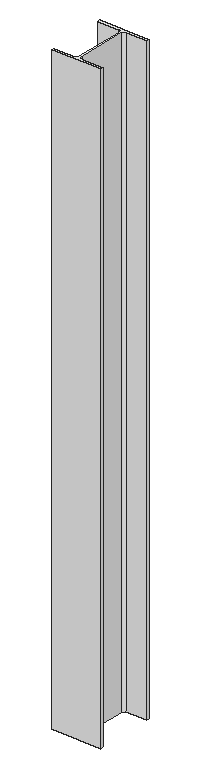
Revit family "Steel Column_W_ASTM A6M", category Structural Columns, Revit 2023 (continued)
Types in the file's own list only (271): name | Width | Web Thickness | Web Fillet | Warping Constant | Torsional Moment of Inertia | Section Name Key | Section Area | Plastic Modulus weak axis | Plastic Modulus strong axis | Perimeter | Nominal Weight | Moment of Inertia weak axis | Moment of Inertia strong axis | Height | Flange Thickness | Elastic Modulus weak axis | Elastic Modulus strong axis | Centroid Vertical | Centroid Horizontal | Bolt Spacing
  W530X74 | 166.00 mm | 9.65 mm | 12.80 mm | 690000000000.0 mm⁶ | 475000.00 mm⁴ | "W21x50" | 9480.0 mm² | 200000.0 mm³ | 1800000.0 mm³ | 1.68 m²/m | 74.00 kgf/m | 10400000.00 mm⁴ | 410000000.00 mm⁴ | 528.00 mm | 13.60 mm | 125000.0 mm³ | 1550000.0 mm³ | 264.00 mm | 83.00 mm | 88.9 mm
  W530X66 | 165.00 mm | 8.89 mm | 12.70 mm | 567000000000.0 mm⁶ | 320000.00 mm⁴ | "W21x44" | 8390.0 mm² | 167000.0 mm³ | 1560000.0 mm³ | 1.67 m²/m | 66.00 kgf/m | 8620000.00 mm⁴ | 351000000.00 mm⁴ | 526.00 mm | 11.40 mm | 104000.0 mm³ | 1340000.0 mm³ | 263.00 mm | 82.50 mm | 88.9 mm
  W460X464 | 305.00 mm | 38.60 mm | 12.70 mm | 20500000000000.0 mm⁶ | 73300000.00 mm⁴ | "W18x311" | 59100.0 mm² | 3390000.0 mm³ | 12400000.0 mm³ | 2.25 m²/m | 464.00 kgf/m | 331000000.00 mm⁴ | 2900000000.00 mm⁴ | 566.00 mm | 69.60 mm | 2160000.0 mm³ | 10200000.0 mm³ | 283.00 mm | 152.50 mm | 139.7 mm
  W460X421 | 302.00 mm | 35.60 mm | 12.70 mm | 17700000000000.0 mm⁶ | 55800000.00 mm⁴ | "W18x283" | 53700.0 mm² | 3030000.0 mm³ | 11100000.0 mm³ | 2.23 m²/m | 421.00 kgf/m | 293000000.00 mm⁴ | 2570000000.00 mm⁴ | 556.00 mm | 63.50 mm | 1930000.0 mm³ | 9260000.0 mm³ | 278.00 mm | 151.00 mm | 139.7 mm
  W460X384 | 300.00 mm | 32.50 mm | 10.20 mm | 15500000000000.0 mm⁶ | 42900000.00 mm⁴ | "W18x258" | 49000.0 mm² | 2720000.0 mm³ | 10000000.0 mm³ | 2.21 m²/m | 384.00 kgf/m | 261000000.00 mm⁴ | 2290000000.00 mm⁴ | 546.00 mm | 58.40 mm | 1750000.0 mm³ | 8420000.0 mm³ | 273.00 mm | 150.00 mm | 139.7 mm
  W460X349 | 297.00 mm | 29.50 mm | 10.20 mm | 13500000000000.0 mm⁶ | 32800000.00 mm⁴ | "W18x234" | 44300.0 mm² | 2440000.0 mm³ | 9000000.0 mm³ | 2.18 m²/m | 349.00 kgf/m | 232000000.00 mm⁴ | 2040000000.00 mm⁴ | 536.00 mm | 53.60 mm | 1570000.0 mm³ | 7640000.0 mm³ | 268.00 mm | 148.50 mm | 139.7 mm
  W460X315 | 295.00 mm | 26.90 mm | 10.20 mm | 11700000000000.0 mm⁶ | 24400000.00 mm⁴ | "W18x211" | 40200.0 mm² | 2160000.0 mm³ | 8030000.0 mm³ | 2.16 m²/m | 315.00 kgf/m | 205000000.00 mm⁴ | 1800000000.00 mm⁴ | 526.00 mm | 48.50 mm | 1400000.0 mm³ | 6870000.0 mm³ | 263.00 mm | 147.50 mm | 139.7 mm
  W460X286 | 292.00 mm | 24.40 mm | 10.10 mm | 10200000000000.0 mm⁶ | 18600000.00 mm⁴ | "W18x192" | 36300.0 mm² | 1950000.0 mm³ | 7240000.0 mm³ | 2.14 m²/m | 286.00 kgf/m | 183000000.00 mm⁴ | 1610000000.00 mm⁴ | 518.00 mm | 44.50 mm | 1260000.0 mm³ | 6230000.0 mm³ | 259.00 mm | 146.00 mm | 139.7 mm
  W460X260 | 290.00 mm | 22.60 mm | 10.10 mm | 8940000000000.0 mm⁶ | 14100000.00 mm⁴ | "W18x175" | 33200.0 mm² | 1740000.0 mm³ | 6520000.0 mm³ | 2.11 m²/m | 260.00 kgf/m | 163000000.00 mm⁴ | 1440000000.00 mm⁴ | 508.00 mm | 40.40 mm | 1130000.0 mm³ | 5640000.0 mm³ | 254.00 mm | 145.00 mm | 139.7 mm
  W460X235 | 287.00 mm | 20.60 mm | 10.10 mm | 7790000000000.0 mm⁶ | 10500000.00 mm⁴ | "W18x158" | 29900.0 mm² | 1550000.0 mm³ | 5830000.0 mm³ | 2.09 m²/m | 235.00 kgf/m | 144000000.00 mm⁴ | 1270000000.00 mm⁴ | 500.00 mm | 36.60 mm | 1010000.0 mm³ | 5080000.0 mm³ | 250.00 mm | 143.50 mm | 139.7 mm
  W460X213 | 284.00 mm | 18.50 mm | 10.20 mm | 6900000000000.0 mm⁶ | 7990000.00 mm⁴ | "W18x143" | 27100.0 mm² | 1400000.0 mm³ | 5280000.0 mm³ | 2.07 m²/m | 213.00 kgf/m | 129000000.00 mm⁴ | 1140000000.00 mm⁴ | 495.00 mm | 33.50 mm | 909000.0 mm³ | 4620000.0 mm³ | 247.50 mm | 142.00 mm | 139.7 mm
  W460X193 | 284.00 mm | 17.00 mm | 10.10 mm | 6100000000000.0 mm⁶ | 6040000.00 mm⁴ | "W18x130" | 24700.0 mm² | 1260000.0 mm³ | 4750000.0 mm³ | 2.07 m²/m | 193.00 kgf/m | 116000000.00 mm⁴ | 1020000000.00 mm⁴ | 490.00 mm | 30.50 mm | 818000.0 mm³ | 4200000.0 mm³ | 245.00 mm | 142.00 mm | 139.7 mm
  W460X177 | 287.00 mm | 16.60 mm | 10.20 mm | 5450000000000.0 mm⁶ | 4410000.00 mm⁴ | "W18x119" | 22600.0 mm² | 1130000.0 mm³ | 4290000.0 mm³ | 2.06 m²/m | 177.00 kgf/m | 105000000.00 mm⁴ | 912000000.00 mm⁴ | 483.00 mm | 26.90 mm | 736000.0 mm³ | 3790000.0 mm³ | 241.50 mm | 143.50 mm | 139.7 mm
  W460X158 | 284.00 mm | 15.00 mm | 10.10 mm | 4670000000000.0 mm⁶ | 3110000.00 mm⁴ | "W18x106" | 20100.0 mm² | 991000.0 mm³ | 3770000.0 mm³ | 2.04 m²/m | 158.00 kgf/m | 91600000.00 mm⁴ | 795000000.00 mm⁴ | 475.00 mm | 23.90 mm | 646000.0 mm³ | 3340000.0 mm³ | 237.50 mm | 142.00 mm | 139.7 mm
  W460X144 | 282.00 mm | 13.60 mm | 10.20 mm | 4240000000000.0 mm⁶ | 2440000.00 mm⁴ | "W18x97" | 18400.0 mm² | 906000.0 mm³ | 3460000.0 mm³ | 2.03 m²/m | 144.00 kgf/m | 83700000.00 mm⁴ | 728000000.00 mm⁴ | 472.00 mm | 22.10 mm | 592000.0 mm³ | 3080000.0 mm³ | 236.00 mm | 141.00 mm | 139.7 mm
  W460X128 | 282.00 mm | 12.20 mm | 10.10 mm | 3650000000000.0 mm⁶ | 1710000.00 mm⁴ | "W18x86" | 16300.0 mm² | 793000.0 mm³ | 3050000.0 mm³ | 2.02 m²/m | 128.00 kgf/m | 72800000.00 mm⁴ | 637000000.00 mm⁴ | 467.00 mm | 19.60 mm | 518000.0 mm³ | 2720000.0 mm³ | 233.50 mm | 141.00 mm | 139.7 mm
  W460X113 | 279.00 mm | 10.80 mm | 10.10 mm | 3140000000000.0 mm⁶ | 1180000.00 mm⁴ | "W18x76" | 14400.0 mm² | 692000.0 mm³ | 2670000.0 mm³ | 2.00 m²/m | 113.00 kgf/m | 63300000.00 mm⁴ | 554000000.00 mm⁴ | 462.00 mm | 17.30 mm | 452000.0 mm³ | 2390000.0 mm³ | 231.00 mm | 139.50 mm | 139.7 mm
  W460X106 | 194.00 mm | 12.60 mm | 10.10 mm | 1260000000000.0 mm⁶ | 1450000.00 mm⁴ | "W18x71" | 13500.0 mm² | 405000.0 mm³ | 2390000.0 mm³ | 1.67 m²/m | 106.00 kgf/m | 25100000.00 mm⁴ | 487000000.00 mm⁴ | 470.00 mm | 20.60 mm | 259000.0 mm³ | 2080000.0 mm³ | 235.00 mm | 97.00 mm | 88.9 mm
  W460X97 | 193.00 mm | 11.40 mm | 10.10 mm | 1140000000000.0 mm⁶ | 1140000.00 mm⁴ | "W18x65" | 12300.0 mm² | 369000.0 mm³ | 2180000.0 mm³ | 1.67 m²/m | 97.00 kgf/m | 22800000.00 mm⁴ | 445000000.00 mm⁴ | 467.00 mm | 19.10 mm | 236000.0 mm³ | 1920000.0 mm³ | 233.50 mm | 96.50 mm | 88.9 mm
  W460X89 | 192.00 mm | 10.50 mm | 10.20 mm | 1030000000000.0 mm⁶ | 903000.00 mm⁴ | "W18x60" | 11400.0 mm² | 338000.0 mm³ | 2020000.0 mm³ | 1.65 m²/m | 89.00 kgf/m | 20900000.00 mm⁴ | 410000000.00 mm⁴ | 462.00 mm | 17.70 mm | 218000.0 mm³ | 1770000.0 mm³ | 231.00 mm | 96.00 mm | 88.9 mm
  W460X82 | 191.00 mm | 9.91 mm | 10.20 mm | 921000000000.0 mm⁶ | 691000.00 mm⁴ | "W18x55" | 10500.0 mm² | 303000.0 mm³ | 1840000.0 mm³ | 1.65 m²/m | 82.00 kgf/m | 18700000.00 mm⁴ | 370000000.00 mm⁴ | 460.00 mm | 16.00 mm | 195000.0 mm³ | 1610000.0 mm³ | 230.00 mm | 95.50 mm | 88.9 mm
  W460X74 | 191.00 mm | 9.02 mm | 10.20 mm | 816000000000.0 mm⁶ | 516000.00 mm⁴ | "W18x50" | 9480.0 mm² | 272000.0 mm³ | 1660000.0 mm³ | 1.64 m²/m | 74.00 kgf/m | 16700000.00 mm⁴ | 333000000.00 mm⁴ | 457.00 mm | 14.50 mm | 175000.0 mm³ | 1460000.0 mm³ | 228.50 mm | 95.50 mm | 88.9 mm
  W460X68 | 154.00 mm | 9.14 mm | 10.30 mm | 462000000000.0 mm⁶ | 508000.00 mm⁴ | "W18x46" | 8710.0 mm² | 192000.0 mm³ | 1490000.0 mm³ | 1.50 m²/m | 68.00 kgf/m | 9370000.00 mm⁴ | 296000000.00 mm⁴ | 460.00 mm | 15.40 mm | 122000.0 mm³ | 1290000.0 mm³ | 230.00 mm | 77.00 mm | 88.9 mm
  W460X60 | 153.00 mm | 8.00 mm | 10.20 mm | 387000000000.0 mm⁶ | 337000.00 mm⁴ | "W18x40" | 7610.0 mm² | 164000.0 mm³ | 1280000.0 mm³ | 1.49 m²/m | 60.00 kgf/m | 7950000.00 mm⁴ | 255000000.00 mm⁴ | 455.00 mm | 13.30 mm | 104000.0 mm³ | 1120000.0 mm³ | 227.50 mm | 76.50 mm | 88.9 mm
  W460X52 | 152.00 mm | 7.62 mm | 10.20 mm | 306000000000.0 mm⁶ | 211000.00 mm⁴ | "W18x35" | 6650.0 mm² | 132000.0 mm³ | 1090000.0 mm³ | 1.48 m²/m | 52.00 kgf/m | 6370000.00 mm⁴ | 212000000.00 mm⁴ | 450.00 mm | 10.80 mm | 83900.0 mm³ | 944000.0 mm³ | 225.00 mm | 76.00 mm | 88.9 mm
  W410X149 | 264.00 mm | 14.90 mm | 10.30 mm | 3200000000000.0 mm⁶ | 3220000.00 mm⁴ | "W16x100" | 19000.0 mm² | 900000.0 mm³ | 3240000.0 mm³ | 1.87 m²/m | 149.00 kgf/m | 77400000.00 mm⁴ | 620000000.00 mm⁴ | 432.00 mm | 25.00 mm | 585000.0 mm³ | 2870000.0 mm³ | 216.00 mm | 132.00 mm | 139.7 mm
  W410X132 | 264.00 mm | 13.30 mm | 10.30 mm | 2740000000000.0 mm⁶ | 2270000.00 mm⁴ | "W16x89" | 16900.0 mm² | 788000.0 mm³ | 2870000.0 mm³ | 1.87 m²/m | 132.00 kgf/m | 67800000.00 mm⁴ | 541000000.00 mm⁴ | 427.00 mm | 22.20 mm | 515000.0 mm³ | 2540000.0 mm³ | 213.50 mm | 132.00 mm | 139.7 mm
  W410X114 | 262.00 mm | 11.60 mm | 10.20 mm | 2310000000000.0 mm⁶ | 1490000.00 mm⁴ | "W16x77" | 14600.0 mm² | 674000.0 mm³ | 2460000.0 mm³ | 1.84 m²/m | 114.00 kgf/m | 57400000.00 mm⁴ | 462000000.00 mm⁴ | 419.00 mm | 19.30 mm | 441000.0 mm³ | 2200000.0 mm³ | 209.50 mm | 131.00 mm | 139.7 mm
  W410X100 | 259.00 mm | 10.00 mm | 10.30 mm | 1960000000000.0 mm⁶ | 995000.00 mm⁴ | "W16x67" | 12600.0 mm² | 582000.0 mm³ | 2130000.0 mm³ | 1.83 m²/m | 100.00 kgf/m | 49500000.00 mm⁴ | 397000000.00 mm⁴ | 414.00 mm | 16.90 mm | 380000.0 mm³ | 1920000.0 mm³ | 207.00 mm | 129.50 mm | 139.7 mm
  W410X85 | 181.00 mm | 10.90 mm | 10.20 mm | 714000000000.0 mm⁶ | 924000.00 mm⁴ | "W16x57" | 10800.0 mm² | 310000.0 mm³ | 1720000.0 mm³ | 1.52 m²/m | 85.00 kgf/m | 17900000.00 mm⁴ | 316000000.00 mm⁴ | 417.00 mm | 18.20 mm | 198000.0 mm³ | 1510000.0 mm³ | 208.50 mm | 90.50 mm | 88.9 mm
  W410X75 | 180.00 mm | 9.65 mm | 10.20 mm | 610000000000.0 mm⁶ | 633000.00 mm⁴ | "W16x50" | 9480.0 mm² | 267000.0 mm³ | 1510000.0 mm³ | 1.51 m²/m | 75.00 kgf/m | 15500000.00 mm⁴ | 274000000.00 mm⁴ | 414.00 mm | 16.00 mm | 172000.0 mm³ | 1330000.0 mm³ | 207.00 mm | 90.00 mm | 88.9 mm
  W410X67 | 179.00 mm | 8.76 mm | 10.20 mm | 534000000000.0 mm⁶ | 462000.00 mm⁴ | "W16x45" | 8580.0 mm² | 238000.0 mm³ | 1350000.0 mm³ | 1.50 m²/m | 67.00 kgf/m | 13700000.00 mm⁴ | 244000000.00 mm⁴ | 409.00 mm | 14.40 mm | 153000.0 mm³ | 1190000.0 mm³ | 204.50 mm | 89.50 mm | 88.9 mm
  W410X60 | 178.00 mm | 7.75 mm | 10.20 mm | 465000000000.0 mm⁶ | 330000.00 mm⁴ | "W16x40" | 7610.0 mm² | 208000.0 mm³ | 1200000.0 mm³ | 1.49 m²/m | 60.00 kgf/m | 12000000.00 mm⁴ | 216000000.00 mm⁴ | 406.00 mm | 12.80 mm | 135000.0 mm³ | 1060000.0 mm³ | 203.00 mm | 89.00 mm | 88.9 mm
  W410X53 | 178.00 mm | 7.49 mm | 10.20 mm | 392000000000.0 mm⁶ | 227000.00 mm⁴ | "W16x36" | 6840.0 mm² | 177000.0 mm³ | 1050000.0 mm³ | 1.49 m²/m | 53.00 kgf/m | 10200000.00 mm⁴ | 186000000.00 mm⁴ | 404.00 mm | 10.90 mm | 115000.0 mm³ | 926000.0 mm³ | 202.00 mm | 89.00 mm | 88.9 mm
  W410X46.1 | 140.00 mm | 6.99 mm | 10.20 mm | 198000000000.0 mm⁶ | 192000.00 mm⁴ | "W16x31" | 5890.0 mm² | 115000.0 mm³ | 885000.0 mm³ | 1.34 m²/m | 46.10 kgf/m | 5160000.00 mm⁴ | 156000000.00 mm⁴ | 404.00 mm | 11.20 mm | 73600.0 mm³ | 773000.0 mm³ | 202.00 mm | 70.00 mm | 88.9 mm
  W410X38.8 | 140.00 mm | 6.35 mm | 10.24 mm | 152000000000.0 mm⁶ | 109000.00 mm⁴ | "W16x26" | 4950.0 mm² | 89800.0 mm³ | 724000.0 mm³ | 1.33 m²/m | 38.80 kgf/m | 3990000.00 mm⁴ | 125000000.00 mm⁴ | 399.00 mm | 8.76 mm | 57200.0 mm³ | 629000.0 mm³ | 199.50 mm | 70.00 mm | 88.9 mm
  W360X1086 | 455.00 mm | 78.00 mm | 15.00 mm | 97200000000000.0 mm⁶ | 604000000.00 mm⁴ | "W14x730" | 139000.0 mm² | 13400000.0 mm³ | 27200000.0 mm³ | 2.77 m²/m | 1090.00 kgf/m | 1960000000.00 mm⁴ | 5950000000.00 mm⁴ | 569.00 mm | 125.00 mm | 8640000.0 mm³ | 21000000.0 mm³ | 284.50 mm | 227.50 mm | 190.5 mm
  W360X990 | 450.00 mm | 71.90 mm | 15.00 mm | 81900000000000.0 mm⁶ | 466000000.00 mm⁴ | "W14x665" | 126000.0 mm² | 12000000.0 mm³ | 24300000.0 mm³ | 2.72 m²/m | 990.00 kgf/m | 1740000000.00 mm⁴ | 5160000000.00 mm⁴ | 549.00 mm | 115.00 mm | 7730000.0 mm³ | 18800000.0 mm³ | 274.50 mm | 225.00 mm | 190.5 mm
  W360X900 | 442.00 mm | 66.00 mm | 15.00 mm | 69300000000000.0 mm⁶ | 362000000.00 mm⁴ | "W14x605" | 115000.0 mm² | 10700000.0 mm³ | 21600000.0 mm³ | 2.67 m²/m | 900.00 kgf/m | 1530000000.00 mm⁴ | 4500000000.00 mm⁴ | 531.00 mm | 106.00 mm | 6930000.0 mm³ | 17000000.0 mm³ | 265.50 mm | 221.00 mm | 190.5 mm
  W360X818 | 437.00 mm | 60.50 mm | 15.00 mm | 58800000000000.0 mm⁶ | 278000000.00 mm⁴ | "W14x550" | 105000.0 mm² | 9550000.0 mm³ | 19300000.0 mm³ | 2.62 m²/m | 818.00 kgf/m | 1350000000.00 mm⁴ | 3930000000.00 mm⁴ | 513.00 mm | 97.00 mm | 6190000.0 mm³ | 15300000.0 mm³ | 256.50 mm | 218.50 mm | 190.5 mm
  W360X744 | 432.00 mm | 55.60 mm | 15.10 mm | 50200000000000.0 mm⁶ | 214000000.00 mm⁴ | "W14x500" | 94800.0 mm² | 8550000.0 mm³ | 17200000.0 mm³ | 2.59 m²/m | 744.00 kgf/m | 1200000000.00 mm⁴ | 3420000000.00 mm⁴ | 498.00 mm | 88.90 mm | 5560000.0 mm³ | 13700000.0 mm³ | 249.00 mm | 216.00 mm | 190.5 mm
  W360X677 | 427.00 mm | 51.30 mm | 15.30 mm | 43000000000000.0 mm⁶ | 164000000.00 mm⁴ | "W14x455" | 86500.0 mm² | 7670000.0 mm³ | 15300000.0 mm³ | 2.54 m²/m | 677.00 kgf/m | 1070000000.00 mm⁴ | 2990000000.00 mm⁴ | 483.00 mm | 81.50 mm | 4980000.0 mm³ | 12400000.0 mm³ | 241.50 mm | 213.50 mm | 190.5 mm
  W360X634 | 424.00 mm | 47.80 mm | 15.00 mm | 38700000000000.0 mm⁶ | 138000000.00 mm⁴ | "W14x426" | 80600.0 mm² | 7110000.0 mm³ | 14200000.0 mm³ | 2.52 m²/m | 634.00 kgf/m | 982000000.00 mm⁴ | 2750000000.00 mm⁴ | 475.00 mm | 77.20 mm | 4640000.0 mm³ | 11600000.0 mm³ | 237.50 mm | 212.00 mm | 190.5 mm
  W360X592 | 422.00 mm | 45.00 mm | 15.00 mm | 34600000000000.0 mm⁶ | 114000000.00 mm⁴ | "W14x398" | 75500.0 mm² | 6590000.0 mm³ | 13100000.0 mm³ | 2.50 m²/m | 592.00 kgf/m | 903000000.00 mm⁴ | 2500000000.00 mm⁴ | 465.00 mm | 72.40 mm | 4290000.0 mm³ | 10700000.0 mm³ | 232.50 mm | 211.00 mm | 190.5 mm
  W360X551 | 419.00 mm | 42.20 mm | 15.20 mm | 31200000000000.0 mm⁶ | 92400000.00 mm⁴ | "W14x370" | 70300.0 mm² | 6060000.0 mm³ | 12100000.0 mm³ | 2.48 m²/m | 551.00 kgf/m | 828000000.00 mm⁴ | 2260000000.00 mm⁴ | 455.00 mm | 67.60 mm | 3950000.0 mm³ | 9950000.0 mm³ | 227.50 mm | 209.50 mm | 190.5 mm
  W360X509 | 417.00 mm | 39.10 mm | 15.30 mm | 27700000000000.0 mm⁶ | 74100000.00 mm⁴ | "W14x342" | 65200.0 mm² | 5540000.0 mm³ | 11000000.0 mm³ | 2.45 m²/m | 509.00 kgf/m | 753000000.00 mm⁴ | 2040000000.00 mm⁴ | 445.00 mm | 62.70 mm | 3620000.0 mm³ | 9140000.0 mm³ | 222.50 mm | 208.50 mm | 190.5 mm
  W360X463 | 411.00 mm | 35.80 mm | 15.20 mm | 23900000000000.0 mm⁶ | 56600000.00 mm⁴ | "W14x311" | 59000.0 mm² | 4980000.0 mm³ | 9880000.0 mm³ | 2.42 m²/m | 463.00 kgf/m | 670000000.00 mm⁴ | 1800000000.00 mm⁴ | 434.00 mm | 57.40 mm | 3260000.0 mm³ | 8290000.0 mm³ | 217.00 mm | 205.50 mm | 190.5 mm
  W360X421 | 409.00 mm | 32.80 mm | 15.20 mm | 20900000000000.0 mm⁶ | 43300000.00 mm⁴ | "W14x283" | 53700.0 mm² | 4490000.0 mm³ | 8880000.0 mm³ | 2.39 m²/m | 421.00 kgf/m | 599000000.00 mm⁴ | 1600000000.00 mm⁴ | 424.00 mm | 52.60 mm | 2930000.0 mm³ | 7520000.0 mm³ | 212.00 mm | 204.50 mm | 190.5 mm
  W360X382 | 406.00 mm | 30.00 mm | 15.20 mm | 18200000000000.0 mm⁶ | 32900000.00 mm⁴ | "W14x257" | 48800.0 mm² | 4030000.0 mm³ | 7980000.0 mm³ | 2.37 m²/m | 382.00 kgf/m | 537000000.00 mm⁴ | 1420000000.00 mm⁴ | 417.00 mm | 48.00 mm | 2640000.0 mm³ | 6800000.0 mm³ | 208.50 mm | 203.00 mm | 190.5 mm
  W360X347 | 404.00 mm | 27.20 mm | 15.20 mm | 15800000000000.0 mm⁶ | 24800000.00 mm⁴ | "W14x233" | 44200.0 mm² | 3620000.0 mm³ | 7140000.0 mm³ | 2.35 m²/m | 347.00 kgf/m | 479000000.00 mm⁴ | 1250000000.00 mm⁴ | 406.00 mm | 43.70 mm | 2380000.0 mm³ | 6150000.0 mm³ | 203.00 mm | 202.00 mm | 190.5 mm
  W360X314 | 401.00 mm | 24.90 mm | 15.30 mm | 13800000000000.0 mm⁶ | 18600000.00 mm⁴ | "W14x211" | 40000.0 mm² | 3240000.0 mm³ | 6390000.0 mm³ | 2.33 m²/m | 314.00 kgf/m | 429000000.00 mm⁴ | 1110000000.00 mm⁴ | 399.00 mm | 39.60 mm | 2130000.0 mm³ | 5540000.0 mm³ | 199.50 mm | 200.50 mm | 190.5 mm
  W360X287 | 399.00 mm | 22.60 mm | 15.20 mm | 12300000000000.0 mm⁶ | 14500000.00 mm⁴ | "W14x193" | 36600.0 mm² | 2950000.0 mm³ | 5820000.0 mm³ | 2.31 m²/m | 287.00 kgf/m | 388000000.00 mm⁴ | 999000000.00 mm⁴ | 394.00 mm | 36.60 mm | 1950000.0 mm³ | 5080000.0 mm³ | 197.00 mm | 199.50 mm | 190.5 mm
  W360X262 | 399.00 mm | 21.10 mm | 15.20 mm | 10900000000000.0 mm⁶ | 11000000.00 mm⁴ | "W14x176" | 33400.0 mm² | 2670000.0 mm³ | 5240000.0 mm³ | 2.30 m²/m | 262.00 kgf/m | 349000000.00 mm⁴ | 891000000.00 mm⁴ | 386.00 mm | 33.30 mm | 1750000.0 mm³ | 4600000.0 mm³ | 193.00 mm | 199.50 mm | 190.5 mm
  W360X237 | 396.00 mm | 18.90 mm | 15.30 mm | 9560000000000.0 mm⁶ | 8200000.00 mm⁴ | "W14x159" | 30100.0 mm² | 2390000.0 mm³ | 4700000.0 mm³ | 2.28 m²/m | 237.00 kgf/m | 311000000.00 mm⁴ | 791000000.00 mm⁴ | 381.00 mm | 30.20 mm | 1580000.0 mm³ | 4160000.0 mm³ | 190.50 mm | 198.00 mm | 190.5 mm
  W360X216 | 394.00 mm | 17.30 mm | 15.20 mm | 8510000000000.0 mm⁶ | 6330000.00 mm⁴ | "W14x145" | 27500.0 mm² | 2180000.0 mm³ | 4260000.0 mm³ | 2.27 m²/m | 216.00 kgf/m | 282000000.00 mm⁴ | 712000000.00 mm⁴ | 376.00 mm | 27.70 mm | 1430000.0 mm³ | 3800000.0 mm³ | 188.00 mm | 197.00 mm | 190.5 mm
  W360X196 | 373.00 mm | 16.40 mm | 15.20 mm | 6850000000000.0 mm⁶ | 5120000.00 mm⁴ | "W14x132" | 25000.0 mm² | 1850000.0 mm³ | 3830000.0 mm³ | 2.18 m²/m | 196.00 kgf/m | 228000000.00 mm⁴ | 637000000.00 mm⁴ | 373.00 mm | 26.20 mm | 1220000.0 mm³ | 3420000.0 mm³ | 186.50 mm | 186.50 mm | 139.7 mm
  W360X179 | 373.00 mm | 15.00 mm | 15.20 mm | 6100000000000.0 mm⁶ | 3900000.00 mm⁴ | "W14x120" | 22800.0 mm² | 1670000.0 mm³ | 3470000.0 mm³ | 2.17 m²/m | 179.00 kgf/m | 206000000.00 mm⁴ | 574000000.00 mm⁴ | 368.00 mm | 23.90 mm | 1110000.0 mm³ | 3110000.0 mm³ | 184.00 mm | 186.50 mm | 139.7 mm
  W360X162 | 371.00 mm | 13.30 mm | 15.30 mm | 5420000000000.0 mm⁶ | 2960000.00 mm⁴ | "W14x109" | 20600.0 mm² | 1520000.0 mm³ | 3150000.0 mm³ | 2.16 m²/m | 162.00 kgf/m | 186000000.00 mm⁴ | 516000000.00 mm⁴ | 363.00 mm | 21.80 mm | 1000000.0 mm³ | 2830000.0 mm³ | 181.50 mm | 185.50 mm | 139.7 mm
  W360X147 | 371.00 mm | 12.30 mm | 15.30 mm | 4830000000000.0 mm⁶ | 2240000.00 mm⁴ | "W14x99" | 18800.0 mm² | 1370000.0 mm³ | 2830000.0 mm³ | 2.15 m²/m | 147.00 kgf/m | 167000000.00 mm⁴ | 462000000.00 mm⁴ | 361.00 mm | 19.80 mm | 905000.0 mm³ | 2570000.0 mm³ | 180.50 mm | 185.50 mm | 139.7 mm
  W360X134 | 368.00 mm | 11.20 mm | 15.30 mm | 4300000000000.0 mm⁶ | 1690000.00 mm⁴ | "W14x90" | 17100.0 mm² | 1240000.0 mm³ | 2570000.0 mm³ | 2.14 m²/m | 134.00 kgf/m | 151000000.00 mm⁴ | 416000000.00 mm⁴ | 356.00 mm | 18.00 mm | 818000.0 mm³ | 2340000.0 mm³ | 178.00 mm | 184.00 mm | 139.7 mm
  W360X122 | 257.00 mm | 13.00 mm | 15.10 mm | 1800000000000.0 mm⁶ | 2110000.00 mm⁴ | "W14x82" | 15500.0 mm² | 734000.0 mm³ | 2280000.0 mm³ | 1.70 m²/m | 122.00 kgf/m | 61600000.00 mm⁴ | 367000000.00 mm⁴ | 363.00 mm | 21.70 mm | 480000.0 mm³ | 2020000.0 mm³ | 181.50 mm | 128.50 mm | 139.7 mm
  W360X110 | 257.00 mm | 11.40 mm | 15.20 mm | 1610000000000.0 mm⁶ | 1610000.00 mm⁴ | "W14x74" | 14100.0 mm² | 664000.0 mm³ | 2060000.0 mm³ | 1.70 m²/m | 110.00 kgf/m | 55800000.00 mm⁴ | 331000000.00 mm⁴ | 361.00 mm | 19.90 mm | 436000.0 mm³ | 1840000.0 mm³ | 180.50 mm | 128.50 mm | 139.7 mm
  W360X101 | 254.00 mm | 10.50 mm | 15.00 mm | 1440000000000.0 mm⁶ | 1250000.00 mm⁴ | "W14x68" | 12900.0 mm² | 605000.0 mm³ | 1880000.0 mm³ | 1.68 m²/m | 101.00 kgf/m | 50400000.00 mm⁴ | 301000000.00 mm⁴ | 356.00 mm | 18.30 mm | 397000.0 mm³ | 1690000.0 mm³ | 178.00 mm | 127.00 mm | 139.7 mm
  W360X91 | 254.00 mm | 9.53 mm | 15.10 mm | 1260000000000.0 mm⁶ | 912000.00 mm⁴ | "W14x61" | 11500.0 mm² | 537000.0 mm³ | 1670000.0 mm³ | 1.68 m²/m | 91.00 kgf/m | 44500000.00 mm⁴ | 266000000.00 mm⁴ | 353.00 mm | 16.40 mm | 352000.0 mm³ | 1510000.0 mm³ | 176.50 mm | 127.00 mm | 139.7 mm
  W360X79 | 205.00 mm | 9.40 mm | 15.00 mm | 682000000000.0 mm⁶ | 807000.00 mm⁴ | "W14x53" | 10100.0 mm² | 361000.0 mm³ | 1430000.0 mm³ | 1.48 m²/m | 79.00 kgf/m | 24000000.00 mm⁴ | 225000000.00 mm⁴ | 353.00 mm | 16.80 mm | 234000.0 mm³ | 1270000.0 mm³ | 176.50 mm | 102.50 mm | 139.7 mm
  W360X72 | 204.00 mm | 8.64 mm | 15.10 mm | 602000000000.0 mm⁶ | 604000.00 mm⁴ | "W14x48" | 9100.0 mm² | 321000.0 mm³ | 1280000.0 mm³ | 1.47 m²/m | 72.00 kgf/m | 21400000.00 mm⁴ | 201000000.00 mm⁴ | 351.00 mm | 15.10 mm | 210000.0 mm³ | 1150000.0 mm³ | 175.50 mm | 102.00 mm | 139.7 mm
  W360X64 | 203.00 mm | 7.75 mm | 14.90 mm | 524000000000.0 mm⁶ | 437000.00 mm⁴ | "W14x43" | 8130.0 mm² | 283000.0 mm³ | 1140000.0 mm³ | 1.47 m²/m | 64.00 kgf/m | 18800000.00 mm⁴ | 178000000.00 mm⁴ | 348.00 mm | 13.50 mm | 185000.0 mm³ | 1030000.0 mm³ | 174.00 mm | 101.50 mm | 139.7 mm
  W360X57.8 | 172.00 mm | 7.87 mm | 10.10 mm | 330000000000.0 mm⁶ | 332000.00 mm⁴ | "W14x38" | 7230.0 mm² | 198000.0 mm³ | 1010000.0 mm³ | 1.37 m²/m | 57.80 kgf/m | 11100000.00 mm⁴ | 160000000.00 mm⁴ | 358.00 mm | 13.10 mm | 129000.0 mm³ | 895000.0 mm³ | 179.00 mm | 86.00 mm | 88.9 mm
  W360X51 | 171.00 mm | 7.24 mm | 10.10 mm | 287000000000.0 mm⁶ | 237000.00 mm⁴ | "W14x34" | 6450.0 mm² | 174000.0 mm³ | 895000.0 mm³ | 1.36 m²/m | 51.00 kgf/m | 9700000.00 mm⁴ | 142000000.00 mm⁴ | 356.00 mm | 11.60 mm | 113000.0 mm³ | 796000.0 mm³ | 178.00 mm | 85.50 mm | 88.9 mm
  W360X44 | 171.00 mm | 6.86 mm | 10.12 mm | 238000000000.0 mm⁶ | 158000.00 mm⁴ | "W14x30" | 5710.0 mm² | 147000.0 mm³ | 775000.0 mm³ | 1.35 m²/m | 44.00 kgf/m | 8160000.00 mm⁴ | 121000000.00 mm⁴ | 351.00 mm | 9.78 mm | 95400.0 mm³ | 688000.0 mm³ | 175.50 mm | 85.50 mm | 88.9 mm
  W360X39 | 128.00 mm | 6.48 mm | 10.10 mm | 109000000000.0 mm⁶ | 149000.00 mm⁴ | "W14x26" | 4960.0 mm² | 90800.0 mm³ | 659000.0 mm³ | 1.19 m²/m | 39.00 kgf/m | 3710000.00 mm⁴ | 102000000.00 mm⁴ | 353.00 mm | 10.70 mm | 58200.0 mm³ | 578000.0 mm³ | 176.50 mm | 64.00 mm | 69.9 mm
  W360X32.9 | 127.00 mm | 5.84 mm | 10.19 mm | 84300000000.0 mm⁶ | 86600.00 mm⁴ | "W14x22" | 4190.0 mm² | 71900.0 mm³ | 544000.0 mm³ | 1.18 m²/m | 32.90 kgf/m | 2910000.00 mm⁴ | 82800000.00 mm⁴ | 348.00 mm | 8.51 mm | 45900.0 mm³ | 475000.0 mm³ | 174.00 mm | 63.50 mm | 69.9 mm
  W310X500 | 340.00 mm | 45.20 mm | 15.00 mm | 15300000000000.0 mm⁶ | 101000000.00 mm⁴ | "W12x336" | 63800.0 mm² | 4490000.0 mm³ | 9880000.0 mm³ | 2.10 m²/m | 500.00 kgf/m | 495000000.00 mm⁴ | 1690000000.00 mm⁴ | 427.00 mm | 75.20 mm | 2900000.0 mm³ | 7910000.0 mm³ | 213.50 mm | 170.00 mm | 139.7 mm
  W310X454 | 335.00 mm | 41.40 mm | 15.00 mm | 13100000000000.0 mm⁶ | 77000000.00 mm⁴ | "W12x305" | 57700.0 mm² | 4000000.0 mm³ | 8800000.0 mm³ | 2.06 m²/m | 454.00 kgf/m | 437000000.00 mm⁴ | 1480000000.00 mm⁴ | 414.00 mm | 68.80 mm | 2610000.0 mm³ | 7130000.0 mm³ | 207.00 mm | 167.50 mm | 139.7 mm
  W310X415 | 333.00 mm | 38.90 mm | 15.30 mm | 11300000000000.0 mm⁶ | 59500000.00 mm⁴ | "W12x279" | 52800.0 mm² | 3610000.0 mm³ | 7880000.0 mm³ | 2.03 m²/m | 415.00 kgf/m | 390000000.00 mm⁴ | 1290000000.00 mm⁴ | 404.00 mm | 62.70 mm | 2340000.0 mm³ | 6440000.0 mm³ | 202.00 mm | 166.50 mm | 139.7 mm
  W310X375 | 330.00 mm | 35.60 mm | 15.20 mm | 9610000000000.0 mm⁶ | 45000000.00 mm⁴ | "W12x252" | 47800.0 mm² | 3210000.0 mm³ | 7010000.0 mm³ | 2.01 m²/m | 375.00 kgf/m | 345000000.00 mm⁴ | 1130000000.00 mm⁴ | 391.00 mm | 57.20 mm | 2080000.0 mm³ | 5780000.0 mm³ | 195.50 mm | 165.00 mm | 139.7 mm
  W310X342 | 328.00 mm | 32.80 mm | 15.20 mm | 8380000000000.0 mm⁶ | 34900000.00 mm⁴ | "W12x230" | 43700.0 mm² | 2900000.0 mm³ | 6330000.0 mm³ | 1.99 m²/m | 342.00 kgf/m | 309000000.00 mm⁴ | 1010000000.00 mm⁴ | 384.00 mm | 52.60 mm | 1880000.0 mm³ | 5260000.0 mm³ | 192.00 mm | 164.00 mm | 139.7 mm
  W310X313 | 325.00 mm | 30.00 mm | 15.20 mm | 7300000000000.0 mm⁶ | 26900000.00 mm⁴ | "W12x210" | 39900.0 mm² | 2610000.0 mm³ | 5700000.0 mm³ | 1.96 m²/m | 313.00 kgf/m | 276000000.00 mm⁴ | 891000000.00 mm⁴ | 373.00 mm | 48.30 mm | 1700000.0 mm³ | 4790000.0 mm³ | 186.50 mm | 162.50 mm | 139.7 mm
  W310X283 | 323.00 mm | 26.90 mm | 15.00 mm | 6340000000000.0 mm⁶ | 20300000.00 mm⁴ | "W12x190" | 36100.0 mm² | 2340000.0 mm³ | 5100000.0 mm³ | 1.94 m²/m | 283.00 kgf/m | 245000000.00 mm⁴ | 787000000.00 mm⁴ | 366.00 mm | 44.20 mm | 1520000.0 mm³ | 4310000.0 mm³ | 183.00 mm | 161.50 mm | 139.7 mm
  W310X253 | 320.00 mm | 24.40 mm | 15.30 mm | 5400000000000.0 mm⁶ | 14800000.00 mm⁴ | "W12x170" | 32300.0 mm² | 2060000.0 mm³ | 4510000.0 mm³ | 1.92 m²/m | 253.00 kgf/m | 215000000.00 mm⁴ | 687000000.00 mm⁴ | 356.00 mm | 39.60 mm | 1350000.0 mm³ | 3850000.0 mm³ | 178.00 mm | 160.00 mm | 139.7 mm
  W310X226 | 318.00 mm | 22.10 mm | 15.20 mm | 4620000000000.0 mm⁶ | 10700000.00 mm⁴ | "W12x152" | 28800.0 mm² | 1820000.0 mm³ | 3980000.0 mm³ | 1.89 m²/m | 226.00 kgf/m | 189000000.00 mm⁴ | 595000000.00 mm⁴ | 348.00 mm | 35.60 mm | 1190000.0 mm³ | 3420000.0 mm³ | 174.00 mm | 159.00 mm | 139.7 mm
  W310X202 | 315.00 mm | 20.10 mm | 15.20 mm | 3950000000000.0 mm⁶ | 7700000.00 mm⁴ | "W12x136" | 25700.0 mm² | 1610000.0 mm³ | 3510000.0 mm³ | 1.87 m²/m | 202.00 kgf/m | 166000000.00 mm⁴ | 516000000.00 mm⁴ | 340.00 mm | 31.80 mm | 1050000.0 mm³ | 3050000.0 mm³ | 170.00 mm | 157.50 mm | 139.7 mm
  W310X179 | 312.00 mm | 18.00 mm | 15.00 mm | 3330000000000.0 mm⁶ | 5370000.00 mm⁴ | "W12x120" | 22700.0 mm² | 1400000.0 mm³ | 3050000.0 mm³ | 1.85 m²/m | 179.00 kgf/m | 144000000.00 mm⁴ | 445000000.00 mm⁴ | 333.00 mm | 28.20 mm | 918000.0 mm³ | 2670000.0 mm³ | 166.50 mm | 156.00 mm | 139.7 mm
  W310X158 | 310.00 mm | 15.50 mm | 15.30 mm | 2870000000000.0 mm⁶ | 3800000.00 mm⁴ | "W12x106" | 20100.0 mm² | 1230000.0 mm³ | 2690000.0 mm³ | 1.84 m²/m | 158.00 kgf/m | 125000000.00 mm⁴ | 388000000.00 mm⁴ | 328.00 mm | 25.10 mm | 808000.0 mm³ | 2380000.0 mm³ | 164.00 mm | 155.00 mm | 139.7 mm
  W310X143 | 310.00 mm | 14.00 mm | 15.20 mm | 2530000000000.0 mm⁶ | 2850000.00 mm⁴ | "W12x96" | 18200.0 mm² | 1110000.0 mm³ | 2410000.0 mm³ | 1.83 m²/m | 143.00 kgf/m | 112000000.00 mm⁴ | 347000000.00 mm⁴ | 323.00 mm | 22.90 mm | 728000.0 mm³ | 2150000.0 mm³ | 161.50 mm | 155.00 mm | 139.7 mm
  W310X129 | 307.00 mm | 13.10 mm | 15.20 mm | 2220000000000.0 mm⁶ | 2120000.00 mm⁴ | "W12x87" | 16500.0 mm² | 990000.0 mm³ | 2160000.0 mm³ | 1.81 m²/m | 129.00 kgf/m | 100000000.00 mm⁴ | 308000000.00 mm⁴ | 318.00 mm | 20.60 mm | 651000.0 mm³ | 1930000.0 mm³ | 159.00 mm | 153.50 mm | 139.7 mm
  W310X117 | 307.00 mm | 11.90 mm | 15.10 mm | 1970000000000.0 mm⁶ | 1600000.00 mm⁴ | "W12x79" | 15000.0 mm² | 890000.0 mm³ | 1950000.0 mm³ | 1.81 m²/m | 117.00 kgf/m | 89900000.00 mm⁴ | 276000000.00 mm⁴ | 315.00 mm | 18.70 mm | 587000.0 mm³ | 1750000.0 mm³ | 157.50 mm | 153.50 mm | 139.7 mm
  W310X107 | 305.00 mm | 10.90 mm | 15.30 mm | 1760000000000.0 mm⁶ | 1220000.00 mm⁴ | "W12x72" | 13600.0 mm² | 806000.0 mm³ | 1770000.0 mm³ | 1.80 m²/m | 107.00 kgf/m | 81200000.00 mm⁴ | 248000000.00 mm⁴ | 312.00 mm | 17.00 mm | 531000.0 mm³ | 1600000.0 mm³ | 156.00 mm | 152.50 mm | 139.7 mm
  W310X97 | 305.00 mm | 9.91 mm | 15.10 mm | 1550000000000.0 mm⁶ | 907000.00 mm⁴ | "W12x65" | 12300.0 mm² | 723000.0 mm³ | 1590000.0 mm³ | 1.79 m²/m | 97.00 kgf/m | 72400000.00 mm⁴ | 222000000.00 mm⁴ | 307.00 mm | 15.40 mm | 477000.0 mm³ | 1440000.0 mm³ | 153.50 mm | 152.50 mm | 139.7 mm
  W310X86 | 254.00 mm | 9.14 mm | 15.20 mm | 959000000000.0 mm⁶ | 874000.00 mm⁴ | "W12x58" | 11000.0 mm² | 533000.0 mm³ | 1420000.0 mm³ | 1.59 m²/m | 86.00 kgf/m | 44500000.00 mm⁴ | 198000000.00 mm⁴ | 310.00 mm | 16.30 mm | 351000.0 mm³ | 1280000.0 mm³ | 155.00 mm | 127.00 mm | 139.7 mm
  W310X79 | 254.00 mm | 8.76 mm | 15.40 mm | 849000000000.0 mm⁶ | 658000.00 mm⁴ | "W12x53" | 10100.0 mm² | 477000.0 mm³ | 1280000.0 mm³ | 1.59 m²/m | 79.00 kgf/m | 39900000.00 mm⁴ | 177000000.00 mm⁴ | 307.00 mm | 14.60 mm | 315000.0 mm³ | 1160000.0 mm³ | 153.50 mm | 127.00 mm | 139.7 mm
  W310X74 | 205.00 mm | 9.40 mm | 12.70 mm | 505000000000.0 mm⁶ | 712000.00 mm⁴ | "W12x50" | 9420.0 mm² | 349000.0 mm³ | 1180000.0 mm³ | 1.40 m²/m | 74.00 kgf/m | 23400000.00 mm⁴ | 163000000.00 mm⁴ | 310.00 mm | 16.30 mm | 228000.0 mm³ | 1050000.0 mm³ | 155.00 mm | 102.50 mm | 139.7 mm
  W310X67 | 204.00 mm | 8.51 mm | 12.80 mm | 443000000000.0 mm⁶ | 524000.00 mm⁴ | "W12x45" | 8450.0 mm² | 311000.0 mm³ | 1050000.0 mm³ | 1.39 m²/m | 67.00 kgf/m | 20800000.00 mm⁴ | 145000000.00 mm⁴ | 307.00 mm | 14.60 mm | 203000.0 mm³ | 946000.0 mm³ | 153.50 mm | 102.00 mm | 139.7 mm
  W310X60 | 203.00 mm | 7.49 mm | 12.80 mm | 387000000000.0 mm⁶ | 377000.00 mm⁴ | "W12x40" | 7550.0 mm² | 275000.0 mm³ | 934000.0 mm³ | 1.38 m²/m | 60.00 kgf/m | 18400000.00 mm⁴ | 128000000.00 mm⁴ | 302.00 mm | 13.10 mm | 180000.0 mm³ | 844000.0 mm³ | 151.00 mm | 101.50 mm | 139.7 mm
  W310X52 | 167.00 mm | 7.62 mm | 7.60 mm | 236000000000.0 mm⁶ | 308000.00 mm⁴ | "W12x35" | 6650.0 mm² | 188000.0 mm³ | 839000.0 mm³ | 1.27 m²/m | 52.00 kgf/m | 10200000.00 mm⁴ | 119000000.00 mm⁴ | 318.00 mm | 13.20 mm | 122000.0 mm³ | 747000.0 mm³ | 159.00 mm | 83.50 mm | 88.9 mm
  W310X44.5 | 166.00 mm | 6.60 mm | 7.60 mm | 193000000000.0 mm⁶ | 190000.00 mm⁴ | "W12x30" | 5670.0 mm² | 157000.0 mm³ | 706000.0 mm³ | 1.26 m²/m | 44.50 kgf/m | 8450000.00 mm⁴ | 99100000.00 mm⁴ | 312.00 mm | 11.20 mm | 102000.0 mm³ | 633000.0 mm³ | 156.00 mm | 83.00 mm | 88.9 mm
  W310X38.7 | 165.00 mm | 5.84 mm | 7.65 mm | 163000000000.0 mm⁶ | 125000.00 mm⁴ | "W12x26" | 4940.0 mm² | 134000.0 mm³ | 610000.0 mm³ | 1.25 m²/m | 38.70 kgf/m | 7200000.00 mm⁴ | 84900000.00 mm⁴ | 310.00 mm | 9.65 mm | 87500.0 mm³ | 547000.0 mm³ | 155.00 mm | 82.50 mm | 88.9 mm
  W310X32.7 | 102.00 mm | 6.60 mm | 7.60 mm | 44000000000.0 mm⁶ | 122000.00 mm⁴ | "W12x22" | 4180.0 mm² | 60000.0 mm³ | 480000.0 mm³ | 1.01 m²/m | 32.70 kgf/m | 1940000.00 mm⁴ | 64900000.00 mm⁴ | 312.00 mm | 10.80 mm | 37900.0 mm³ | 416000.0 mm³ | 156.00 mm | 51.00 mm | 57.2 mm
  W310X28.3 | 102.00 mm | 5.97 mm | 7.61 mm | 35200000000.0 mm⁶ | 74900.00 mm⁴ | "W12x19" | 3590.0 mm² | 48800.0 mm³ | 405000.0 mm³ | 1.00 m²/m | 28.30 kgf/m | 1570000.00 mm⁴ | 54100000.00 mm⁴ | 310.00 mm | 8.89 mm | 30800.0 mm³ | 349000.0 mm³ | 155.00 mm | 51.00 mm | 57.2 mm
  W310X23.8 | 101.00 mm | 5.59 mm | 7.67 mm | 26000000000.0 mm⁶ | 42900.00 mm⁴ | "W12x16" | 3040.0 mm² | 37000.0 mm³ | 329000.0 mm³ | 0.99 m²/m | 23.80 kgf/m | 1170000.00 mm⁴ | 42900000.00 mm⁴ | 305.00 mm | 6.73 mm | 23100.0 mm³ | 280000.0 mm³ | 152.50 mm | 50.50 mm | 57.2 mm
  W310X21 | 101.00 mm | 5.08 mm | 7.58 mm | 21600000000.0 mm⁶ | 29300.00 mm⁴ | "W12x14" | 2680.0 mm² | 31100.0 mm³ | 285000.0 mm³ | 0.99 m²/m | 21.00 kgf/m | 982000.00 mm⁴ | 36900000.00 mm⁴ | 302.00 mm | 5.72 mm | 19500.0 mm³ | 244000.0 mm³ | 151.00 mm | 50.50 mm | 57.2 mm
  W250X167 | 264.00 mm | 19.20 mm | 12.70 mm | 1620000000000.0 mm⁶ | 6290000.00 mm⁴ | "W10x112" | 21200.0 mm² | 1130000.0 mm³ | 2410000.0 mm³ | 1.57 m²/m | 167.00 kgf/m | 98200000.00 mm⁴ | 298000000.00 mm⁴ | 290.00 mm | 31.80 mm | 742000.0 mm³ | 2060000.0 mm³ | 145.00 mm | 132.00 mm | 139.7 mm
  W250X149 | 262.00 mm | 17.30 mm | 12.70 mm | 1380000000000.0 mm⁶ | 4540000.00 mm⁴ | "W10x100" | 18900.0 mm² | 1000000.0 mm³ | 2130000.0 mm³ | 1.55 m²/m | 149.00 kgf/m | 86200000.00 mm⁴ | 259000000.00 mm⁴ | 282.00 mm | 28.40 mm | 655000.0 mm³ | 1840000.0 mm³ | 141.00 mm | 131.00 mm | 139.7 mm
  W250X131 | 262.00 mm | 15.40 mm | 12.70 mm | 1160000000000.0 mm⁶ | 3130000.00 mm⁴ | "W10x88" | 16800.0 mm² | 870000.0 mm³ | 1850000.0 mm³ | 1.54 m²/m | 131.00 kgf/m | 74500000.00 mm⁴ | 222000000.00 mm⁴ | 274.00 mm | 25.10 mm | 570000.0 mm³ | 1610000.0 mm³ | 137.00 mm | 131.00 mm | 139.7 mm
  W250X115 | 259.00 mm | 13.50 mm | 12.70 mm | 975000000000.0 mm⁶ | 2130000.00 mm⁴ | "W10x77" | 14600.0 mm² | 752000.0 mm³ | 1600000.0 mm³ | 1.53 m²/m | 115.00 kgf/m | 64100000.00 mm⁴ | 189000000.00 mm⁴ | 269.00 mm | 22.10 mm | 493000.0 mm³ | 1410000.0 mm³ | 134.50 mm | 129.50 mm | 139.7 mm
  W250X101 | 257.00 mm | 11.90 mm | 12.70 mm | 832000000000.0 mm⁶ | 1480000.00 mm⁴ | "W10x68" | 12800.0 mm² | 657000.0 mm³ | 1400000.0 mm³ | 1.51 m²/m | 101.00 kgf/m | 55800000.00 mm⁴ | 164000000.00 mm⁴ | 264.00 mm | 19.60 mm | 433000.0 mm³ | 1240000.0 mm³ | 132.00 mm | 128.50 mm | 139.7 mm
  W250X89 | 257.00 mm | 10.70 mm | 12.70 mm | 709000000000.0 mm⁶ | 1030000.00 mm⁴ | "W10x60" | 11400.0 mm² | 574000.0 mm³ | 1220000.0 mm³ | 1.50 m²/m | 89.00 kgf/m | 48300000.00 mm⁴ | 142000000.00 mm⁴ | 259.00 mm | 17.30 mm | 377000.0 mm³ | 1090000.0 mm³ | 129.50 mm | 128.50 mm | 139.7 mm
  W250X80 | 254.00 mm | 9.40 mm | 12.80 mm | 623000000000.0 mm⁶ | 758000.00 mm⁴ | "W10x54" | 10200.0 mm² | 513000.0 mm³ | 1090000.0 mm³ | 1.49 m²/m | 80.00 kgf/m | 42900000.00 mm⁴ | 126000000.00 mm⁴ | 257.00 mm | 15.60 mm | 338000.0 mm³ | 983000.0 mm³ | 128.50 mm | 127.00 mm | 139.7 mm
  W250X67 | 204.00 mm | 8.89 mm | 12.70 mm | 322000000000.0 mm⁶ | 629000.00 mm⁴ | "W10x45" | 8580.0 mm² | 333000.0 mm³ | 900000.0 mm³ | 1.29 m²/m | 67.00 kgf/m | 22200000.00 mm⁴ | 103000000.00 mm⁴ | 257.00 mm | 15.70 mm | 218000.0 mm³ | 805000.0 mm³ | 128.50 mm | 102.00 mm | 139.7 mm
  W250X58 | 203.00 mm | 8.00 mm | 12.70 mm | 266000000000.0 mm⁶ | 406000.00 mm⁴ | "W10x39" | 7420.0 mm² | 282000.0 mm³ | 767000.0 mm³ | 1.28 m²/m | 58.00 kgf/m | 18700000.00 mm⁴ | 87000000.00 mm⁴ | 252.00 mm | 13.50 mm | 185000.0 mm³ | 690000.0 mm³ | 126.00 mm | 101.50 mm | 139.7 mm
  W250X44.8 | 148.00 mm | 7.62 mm | 7.60 mm | 111000000000.0 mm⁶ | 259000.00 mm⁴ | "W10x30" | 5700.0 mm² | 145000.0 mm³ | 600000.0 mm³ | 1.09 m²/m | 44.80 kgf/m | 6950000.00 mm⁴ | 70800000.00 mm⁴ | 267.00 mm | 13.00 mm | 94200.0 mm³ | 531000.0 mm³ | 133.50 mm | 74.00 mm | 69.9 mm
  W250X38.5 | 147.00 mm | 6.60 mm | 7.60 mm | 92600000000.0 mm⁶ | 167000.00 mm⁴ | "W10x26" | 4910.0 mm² | 123000.0 mm³ | 513000.0 mm³ | 1.08 m²/m | 38.50 kgf/m | 5870000.00 mm⁴ | 59900000.00 mm⁴ | 262.00 mm | 11.20 mm | 80100.0 mm³ | 457000.0 mm³ | 131.00 mm | 73.50 mm | 69.9 mm
  W250X32.7 | 146.00 mm | 6.10 mm | 7.66 mm | 73800000000.0 mm⁶ | 99500.00 mm⁴ | "W10x22" | 4190.0 mm² | 100000.0 mm³ | 426000.0 mm³ | 1.08 m²/m | 32.70 kgf/m | 4750000.00 mm⁴ | 49100000.00 mm⁴ | 259.00 mm | 9.14 mm | 65100.0 mm³ | 380000.0 mm³ | 129.50 mm | 73.00 mm | 69.9 mm
  W250X28.4 | 102.00 mm | 6.35 mm | 7.70 mm | 27900000000.0 mm⁶ | 97000.00 mm⁴ | "W10x19" | 3630.0 mm² | 54900.0 mm³ | 354000.0 mm³ | 0.90 m²/m | 28.40 kgf/m | 1790000.00 mm⁴ | 40100000.00 mm⁴ | 259.00 mm | 10.00 mm | 35100.0 mm³ | 308000.0 mm³ | 129.50 mm | 51.00 mm | 57.2 mm
  W250X25.3 | 102.00 mm | 6.10 mm | 7.62 mm | 22900000000.0 mm⁶ | 64900.00 mm⁴ | "W10x17" | 3220.0 mm² | 45900.0 mm³ | 306000.0 mm³ | 0.89 m²/m | 25.30 kgf/m | 1480000.00 mm⁴ | 34100000.00 mm⁴ | 257.00 mm | 8.38 mm | 29200.0 mm³ | 265000.0 mm³ | 128.50 mm | 51.00 mm | 57.2 mm
  W250X22.3 | 102.00 mm | 5.84 mm | 7.64 mm | 18300000000.0 mm⁶ | 43300.00 mm⁴ | "W10x15" | 2850.0 mm² | 37700.0 mm³ | 262000.0 mm³ | 0.89 m²/m | 22.30 kgf/m | 1200000.00 mm⁴ | 28700000.00 mm⁴ | 254.00 mm | 6.86 mm | 23800.0 mm³ | 226000.0 mm³ | 127.00 mm | 51.00 mm | 57.2 mm
  W250X17.9 | 101.00 mm | 4.83 mm | 7.67 mm | 13700000000.0 mm⁶ | 22800.00 mm⁴ | "W10x12" | 2280.0 mm² | 28500.0 mm³ | 206000.0 mm³ | 0.88 m²/m | 17.90 kgf/m | 907000.00 mm⁴ | 22400000.00 mm⁴ | 251.00 mm | 5.33 mm | 18000.0 mm³ | 179000.0 mm³ | 125.50 mm | 50.50 mm | 57.2 mm
  W200X100 | 210.00 mm | 14.50 mm | 10.10 mm | 387000000000.0 mm⁶ | 2100000.00 mm⁴ | "W8x67" | 12700.0 mm² | 536000.0 mm³ | 1150000.0 mm³ | 1.25 m²/m | 100.00 kgf/m | 36900000.00 mm⁴ | 113000000.00 mm⁴ | 229.00 mm | 23.70 mm | 351000.0 mm³ | 990000.0 mm³ | 114.50 mm | 105.00 mm | 139.7 mm
  W200X86 | 209.00 mm | 13.00 mm | 9.90 mm | 317000000000.0 mm⁶ | 1390000.00 mm⁴ | "W8x58" | 11000.0 mm² | 457000.0 mm³ | 980000.0 mm³ | 1.24 m²/m | 86.00 kgf/m | 31300000.00 mm⁴ | 94900000.00 mm⁴ | 222.00 mm | 20.60 mm | 300000.0 mm³ | 852000.0 mm³ | 111.00 mm | 104.50 mm | 139.7 mm
  W200X71 | 206.00 mm | 10.20 mm | 10.00 mm | 250000000000.0 mm⁶ | 816000.00 mm⁴ | "W8x48" | 9100.0 mm² | 375000.0 mm³ | 803000.0 mm³ | 1.22 m²/m | 71.00 kgf/m | 25300000.00 mm⁴ | 76600000.00 mm⁴ | 216.00 mm | 17.40 mm | 246000.0 mm³ | 708000.0 mm³ | 108.00 mm | 103.00 mm | 139.7 mm
  W200X59 | 205.00 mm | 9.14 mm | 10.00 mm | 195000000000.0 mm⁶ | 466000.00 mm⁴ | "W8x40" | 7550.0 mm² | 303000.0 mm³ | 652000.0 mm³ | 1.20 m²/m | 59.00 kgf/m | 20400000.00 mm⁴ | 60800000.00 mm⁴ | 210.00 mm | 14.20 mm | 200000.0 mm³ | 582000.0 mm³ | 105.00 mm | 102.50 mm | 139.7 mm
  W200X52 | 204.00 mm | 7.87 mm | 10.00 mm | 166000000000.0 mm⁶ | 320000.00 mm⁴ | "W8x35" | 6650.0 mm² | 264000.0 mm³ | 569000.0 mm³ | 1.19 m²/m | 52.00 kgf/m | 17700000.00 mm⁴ | 52900000.00 mm⁴ | 206.00 mm | 12.60 mm | 174000.0 mm³ | 511000.0 mm³ | 103.00 mm | 102.00 mm | 139.7 mm
  W200X46.1 | 203.00 mm | 7.24 mm | 10.10 mm | 142000000000.0 mm⁶ | 223000.00 mm⁴ | "W8x31" | 5890.0 mm² | 231000.0 mm³ | 498000.0 mm³ | 1.19 m²/m | 46.10 kgf/m | 15400000.00 mm⁴ | 45800000.00 mm⁴ | 203.00 mm | 11.00 mm | 152000.0 mm³ | 451000.0 mm³ | 101.50 mm | 101.50 mm | 139.7 mm
  W200X41.7 | 166.00 mm | 7.24 mm | 10.00 mm | 83800000000.0 mm⁶ | 224000.00 mm⁴ | "W8x28" | 5320.0 mm² | 166000.0 mm³ | 446000.0 mm³ | 1.04 m²/m | 41.70 kgf/m | 9030000.00 mm⁴ | 40800000.00 mm⁴ | 205.00 mm | 11.80 mm | 109000.0 mm³ | 398000.0 mm³ | 102.50 mm | 83.00 mm | 101.6 mm
  W200X35.9 | 165.00 mm | 6.22 mm | 10.00 mm | 69600000000.0 mm⁶ | 144000.00 mm⁴ | "W8x24" | 4570.0 mm² | 140000.0 mm³ | 379000.0 mm³ | 1.03 m²/m | 35.90 kgf/m | 7620000.00 mm⁴ | 34400000.00 mm⁴ | 201.00 mm | 10.20 mm | 92300.0 mm³ | 342000.0 mm³ | 100.50 mm | 82.50 mm | 101.6 mm
  W200X31.3 | 134.00 mm | 6.35 mm | 7.60 mm | 40800000000.0 mm⁶ | 117000.00 mm⁴ | "W8x21" | 3970.0 mm² | 93200.0 mm³ | 334000.0 mm³ | 0.93 m²/m | 31.30 kgf/m | 4070000.00 mm⁴ | 31300000.00 mm⁴ | 210.00 mm | 10.20 mm | 60800.0 mm³ | 298000.0 mm³ | 105.00 mm | 67.00 mm | 69.9 mm
  W200X26.6 | 133.00 mm | 5.84 mm | 7.62 mm | 32800000000.0 mm⁶ | 71600.00 mm⁴ | "W8x18" | 3390.0 mm² | 76400.0 mm³ | 279000.0 mm³ | 0.92 m²/m | 26.60 kgf/m | 3320000.00 mm⁴ | 25800000.00 mm⁴ | 207.00 mm | 8.38 mm | 49800.0 mm³ | 249000.0 mm³ | 103.50 mm | 66.50 mm | 69.9 mm
  W200X22.5 | 102.00 mm | 6.22 mm | 7.60 mm | 13900000000.0 mm⁶ | 57000.00 mm⁴ | "W8x15" | 2860.0 mm² | 43800.0 mm³ | 223000.0 mm³ | 0.80 m²/m | 22.50 kgf/m | 1420000.00 mm⁴ | 20000000.00 mm⁴ | 206.00 mm | 8.00 mm | 27900.0 mm³ | 193000.0 mm³ | 103.00 mm | 51.00 mm | 57.2 mm
  W200X19.3 | 102.00 mm | 5.84 mm | 7.62 mm | 11000000000.0 mm⁶ | 36300.00 mm⁴ | "W8x13" | 2480.0 mm² | 35200.0 mm³ | 187000.0 mm³ | 0.79 m²/m | 19.30 kgf/m | 1140000.00 mm⁴ | 16500000.00 mm⁴ | 203.00 mm | 6.48 mm | 22500.0 mm³ | 162000.0 mm³ | 101.50 mm | 51.00 mm | 57.2 mm
  W200X15 | 100.00 mm | 4.32 mm | 7.59 mm | 8300000000.0 mm⁶ | 17700.00 mm⁴ | "W8x10" | 1910.0 mm² | 27200.0 mm³ | 145000.0 mm³ | 0.78 m²/m | 15.00 kgf/m | 870000.00 mm⁴ | 12800000.00 mm⁴ | 200.00 mm | 5.21 mm | 17400.0 mm³ | 128000.0 mm³ | 100.00 mm | 50.00 mm | 57.2 mm
  W150X37.1 | 154.00 mm | 8.13 mm | 6.30 mm | 40300000000.0 mm⁶ | 192000.00 mm⁴ | "W6x25" | 4740.0 mm² | 140000.0 mm³ | 310000.0 mm³ | 0.91 m²/m | 37.10 kgf/m | 7120000.00 mm⁴ | 22200000.00 mm⁴ | 162.00 mm | 11.60 mm | 91900.0 mm³ | 274000.0 mm³ | 81.00 mm | 77.00 mm | 88.9 mm
  W150X29.8 | 153.00 mm | 6.60 mm | 6.33 mm | 30300000000.0 mm⁶ | 99900.00 mm⁴ | "W6x20" | 3790.0 mm² | 110000.0 mm³ | 246000.0 mm³ | 0.90 m²/m | 29.80 kgf/m | 5540000.00 mm⁴ | 17200000.00 mm⁴ | 157.00 mm | 9.27 mm | 72300.0 mm³ | 220000.0 mm³ | 78.50 mm | 76.50 mm | 88.9 mm
  W150X22.5 | 152.00 mm | 5.84 mm | 6.40 mm | 20500000000.0 mm⁶ | 42000.00 mm⁴ | "W6x15" | 2860.0 mm² | 77800.0 mm³ | 177000.0 mm³ | 0.89 m²/m | 22.50 kgf/m | 3880000.00 mm⁴ | 12100000.00 mm⁴ | 152.00 mm | 6.60 mm | 51000.0 mm³ | 159000.0 mm³ | 76.00 mm | 76.00 mm | 88.9 mm
  W150X24 | 102.00 mm | 6.60 mm | 6.30 mm | 10300000000.0 mm⁶ | 92800.00 mm⁴ | "W6x16" | 3060.0 mm² | 55600.0 mm³ | 192000.0 mm³ | 0.70 m²/m | 24.00 kgf/m | 1840000.00 mm⁴ | 13400000.00 mm⁴ | 160.00 mm | 10.30 mm | 36100.0 mm³ | 167000.0 mm³ | 80.00 mm | 51.00 mm | 57.2 mm
  W150X18 | 102.00 mm | 5.84 mm | 6.39 mm | 6630000000.0 mm⁶ | 37600.00 mm⁴ | "W6x12" | 2290.0 mm² | 38000.0 mm³ | 136000.0 mm³ | 0.69 m²/m | 18.00 kgf/m | 1240000.00 mm⁴ | 9200000.00 mm⁴ | 153.00 mm | 7.11 mm | 24600.0 mm³ | 120000.0 mm³ | 76.50 mm | 51.00 mm | 57.2 mm
  W150X13.5 | 100.00 mm | 4.32 mm | 6.34 mm | 4750000000.0 mm⁶ | 16900.00 mm⁴ | "W6x9" | 1730.0 mm² | 28200.0 mm³ | 102000.0 mm³ | 0.68 m²/m | 13.50 kgf/m | 916000.00 mm⁴ | 6830000.00 mm⁴ | 150.00 mm | 5.46 mm | 18200.0 mm³ | 91100.0 mm³ | 75.00 mm | 50.00 mm | 57.2 mm
  W150X13 | 100.00 mm | 4.32 mm | 6.35 mm | 4240000000.0 mm⁶ | 13900.00 mm⁴ | "W6x8.5" | 1630.0 mm² | 25600.0 mm³ | 93900.0 mm³ | 0.68 m²/m | 13.00 kgf/m | 828000.00 mm⁴ | 6200000.00 mm⁴ | 148.00 mm | 4.95 mm | 16600.0 mm³ | 83600.0 mm³ | 74.00 mm | 50.00 mm | 57.2 mm
  W130X28.1 | 128.00 mm | 6.86 mm | 7.60 mm | 13700000000.0 mm⁶ | 132000.00 mm⁴ | "W5x19" | 3590.0 mm² | 90600.0 mm³ | 190000.0 mm³ | 0.75 m²/m | 28.10 kgf/m | 3800000.00 mm⁴ | 10900000.00 mm⁴ | 131.00 mm | 10.90 mm | 59500.0 mm³ | 167000.0 mm³ | 65.50 mm | 64.00 mm | 69.9 mm
  W130X23.8 | 127.00 mm | 6.10 mm | 7.66 mm | 10900000000.0 mm⁶ | 79900.00 mm⁴ | "W5x16" | 3040.0 mm² | 75100.0 mm³ | 158000.0 mm³ | 0.74 m²/m | 23.80 kgf/m | 3130000.00 mm⁴ | 8910000.00 mm⁴ | 127.00 mm | 9.14 mm | 49200.0 mm³ | 140000.0 mm³ | 63.50 mm | 63.50 mm | 69.9 mm
  W100X19.3 | 103.00 mm | 7.11 mm | 6.34 mm | 3760000000.0 mm⁶ | 62900.00 mm⁴ | "W4x13" | 2470.0 mm² | 47900.0 mm³ | 103000.0 mm³ | 0.60 m²/m | 19.30 kgf/m | 1610000.00 mm⁴ | 4700000.00 mm⁴ | 106.00 mm | 8.76 mm | 31100.0 mm³ | 89500.0 mm³ | 53.00 mm | 51.50 mm | 57.2 mm
